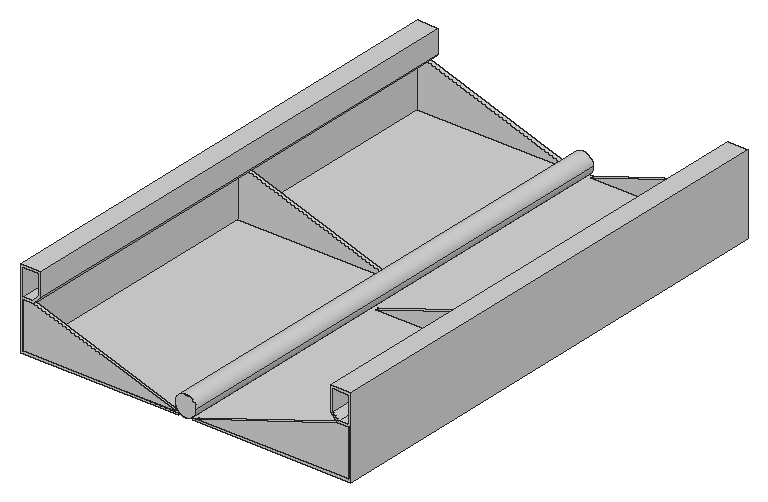
Revit family "LGW_LGW HINGED INS CORNER 0,6_1923500", category Generic Models, Revit 2018
Family settings
  Can host rebar = No
  Round Connector Dimension = Use Diameter
  Part Type = Normal
  OmniClass Number = 35.51.14.00
  OmniClass Title = FORMWORK
  Work Plane-Based = Yes
  Always vertical = No
  Cut with Voids When Loaded = No
  Shared = Yes
  Room Calculation Point = No
Parameters
  VERSION = "20190101"  # constant formula
  URL = "www.ulmaconstruction.com/en"
  UNICLASS = ""
  REAL ANGLE [instance] = if(ANGLE < 51.00°, 51.00°, if(ANGLE < 245.00°, ANGLE, 245.00°))  # 180.00°
  ITEM_CODE = "1923500"
  Manufacturer = "ULMA CONSTRUCTION"  # constant formula
  INSERTION PLANE POSITION [instance] = if(26.207 mm - INSERTION PLANE CALCULATION < 0.000 mm, 0.000 mm, 26.207 mm - INSERTION PLANE CALCULATION)  # 26.207 mm
  INSERTION PLANE CALCULATION [instance] = if(REAL ANGLE = 180.00°, 0.000 mm, (12.500 mm * sin(90.00° - REAL ANGLE) + 12.500 mm) * tan(90.00° - REAL ANGLE) + 12.500 mm * cos(90.00° - REAL ANGLE))  # 0.000 mm
  FILTER [instance] = ""
  Default Elevation = 0.000 mm
  CLASSIFICATION_TITLE = ""
  CLASSIFICATION_NUMBER = ""
  ANGLE [instance] = 180.00°
Reference planes
  plane 1 "Centro (Frontal/Posterior)": y = 0
  plane 2: z = 0
  plane 3 "Centro (Izquierda/Derecha)": x = 0
  plane 4 "ITEM_HEIGHT": y = 600
  plane 5 "CENTER": z = 12.5
  plane 6 "INSERTION PLANE": x = 0
  plane 7 "INSERTION PLANE BASE": x = 26.207
Lines and regions (mm)
  reference lines
    curve 1: line (0, 0, 12.5) -> (311.15, 0, 12.5)
Dimensions and locks
  locked: plane 1 "Centro (Frontal/Posterior)" to plane 4 "ITEM_HEIGHT" at 600
  locked: plane 7 "INSERTION PLANE BASE" to plane 3 "Centro (Izquierda/Derecha)" at 26.207
  "INSERTION PLANE POSITION": plane 7 "INSERTION PLANE BASE" to plane 6 "INSERTION PLANE"
  "REAL ANGLE": angle curve 1 to plane 5 "CENTER"
  aligned and locked: level to plane 2
  aligned and locked: plane 3 "Centro (Izquierda/Derecha)" to curve 1
  aligned and locked: plane 5 "CENTER" to curve 1
  aligned and locked: plane 4 "ITEM_HEIGHT" to nested 2
Nested families
  nested 1: "MEDIA ESCUADRA 600 - 1923516_PANELS" at (0, 0, 0), type "MEDIA ESCUADRA 600 - 1923516_PANELS"
    with FILTER ""
  nested 2: "MEDIA ESCUADRA 600 - 1923516_PANELS" at (0, 600, 0) x (-1, 0, 0) z (0, 0, 1), type "MEDIA ESCUADRA 600 - 1923516_PANELS"
    with FILTER ""
Definition of nested family "MEDIA ESCUADRA 600 - 1923516_PANELS"
  Parameters (values of type "MEDIA ESCUADRA 600 - 1923516_PANELS")
    VERSION = "20190101"  # constant formula
    URL = "www.ulmaconstruction.com/en"
    UNICLASS = ""
    Manufacturer = "ULMA CONSTRUCTION"  # constant formula
    FILTER [instance] = ""
    Default Elevation = 0.000 mm
    CLASSIFICATION_TITLE = ""
    CLASSIFICATION_NUMBER = ""
  Reference planes
    plane 1 "Centro (Frontal/Posterior)": y = 0
    plane 2: z = 0
    plane 3 "Centro (Izquierda/Derecha)": x = 0
  Forms (mm)
    Extrusion 1, solid, detail levels fine
      sketch origin (0, 0, 0) x (1, 0, 0) y (0, 0, 1)
        loop
          line (-200, 96.5) -> (-200, 0) -> (-8, 0) -> (-8, 2.5) -> (-197.5, 2.5) -> (-197.5, 59) -> (-184, 59) -> (-175, 68) -> (-175, 96.5) -> (-200, 96.5)
        loop
          line (-177.5, 94) -> (-197.5, 94) -> (-197.5, 61.5) -> (-185.036, 61.5) -> (-177.5, 69.036) -> (-177.5, 94)
      from -600 to 0
    Extrusion 2, solid, detail levels fine
      sketch origin (0, 0, 0) x (1, 0, 0) y (0, 0, 1)
        loop
          line (-12.5, 2.5) -> (-184, 59) -> (-197.5, 59) -> (-197.5, 2.5) -> (-12.5, 2.5)
      from -4 to 0
    Extrusion 3, solid, detail levels fine
      sketch origin (0, 205, 0) x (1, 0, 0) y (0, 0, 1)
        loop
          line (-12.5, 2.5) -> (-184, 59) -> (-197.5, 59) -> (-197.5, 2.5) -> (-12.5, 2.5)
      from -124 to -120
    Extrusion 4, solid, detail levels fine
      sketch origin (0, 1165, 0) x (1, 0, 0) y (0, 0, 1)
        loop
          line (-12.5, 2.5) -> (-184, 59) -> (-197.5, 59) -> (-197.5, 2.5) -> (-12.5, 2.5)
      from 565 to 569
    Extrusion 5, solid
      sketch origin (0, 0, 0) x (1, 0, 0) y (0, 0, 1)
        loop
          circle (0, 12.5) r 12.5
      from -600 to 0
    Extrusion 6, solid, detail levels coarse+medium
      sketch origin (0, 0, 0) x (1, 0, 0) y (0, 0, 1)
        loop
          line (-200, 96.5) -> (-200, 0) -> (-8, 0) -> (-175, 55.983) -> (-175, 96.5) -> (-200, 96.5)
      from -600 to 0
  Lines and regions (mm)
    model lines, detail levels fine
      curve 1: circle (-162.5, 0, 27.5) r 10 normal (0, -1, 0)
      curve 2: circle (-162.5, 325, 27.5) r 10 normal (0, -1, 0)
      curve 3: circle (-162.5, 596, 27.5) r 10 normal (0, -1, 0)
      curve 4: circle (-162.5, 4, 27.5) r 10 normal (0, -1, 0)
      curve 5: circle (-162.5, 329, 27.5) r 10 normal (0, -1, 0)
      curve 6: circle (-162.5, 600, 27.5) r 10 normal (0, -1, 0)
      curve 7: circle (-197.5, 300, 42) r 10 normal (1, 0, 0)
      curve 8: circle (-200, 300, 42) r 10 normal (1, 0, 0)
  Dimensions and locks
    aligned and locked: level to plane 2
